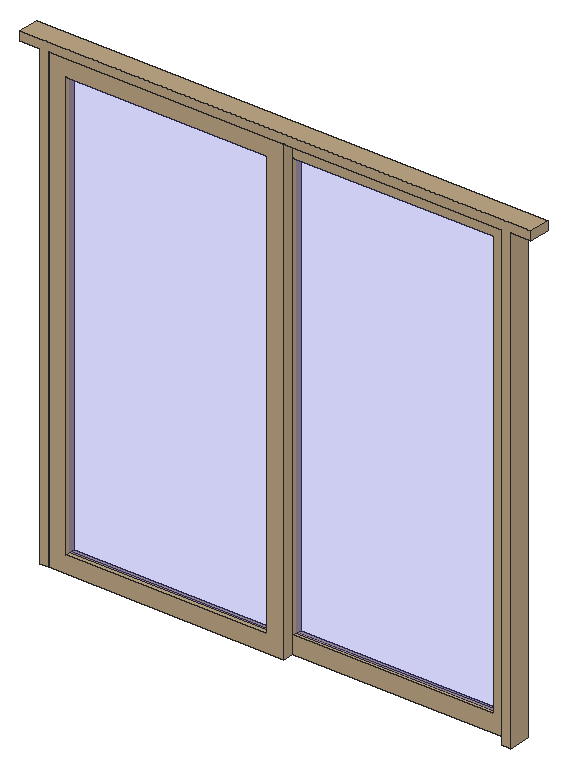
Revit family "DSP_A3-Kal-Aluminium-Sliding-Single-2100w", category Doors, host Wall, Revit 2016
Family settings
  Host = Wall
  Always vertical = Yes
  Cut with Voids When Loaded = No
  Shared = No
  Room Calculation Point = No
Parameters (values of type "2100w X 2100h")
  URL = "http://www.kal.co.za"
  Thickness = 0 mm
  Rough Width = 0 mm
  Rough Height = 0 mm
  Model Type = "Single Sliding"
  Model = "Arcadia Patio Doors"
  Material Glass = Glass
  Material Door Frame = Default Aluminium Door Frame
  Manufacturer Code = "2100 FS"
  Manufacturer = "Kal-Aluminium"
  Height = 2100 mm
  Wall Closure = By host
  Width = 2100 mm
  Function = Interior
  Frame Finish = "Anodised Aluminium"
  Construction Type = "Aluminium"
  Assembly Code = "B2030110"
Reference planes
  plane 1 "Center Line": y = 0
  plane 2 "Center (Left/Right)": x = 75.5
  plane 3 "Left": x = -974.5
  plane 4 "Right": x = 1125.5
  plane 5: z = 2100
  plane 6 "Exterior": y = 110
  plane 7 "Interior": y = -110
  plane 8: x = 1215.5
  plane 9: x = -1064.5
  plane 10: z = 75
  plane 11 "Exterior Panel": y = 46
  plane 12 "Interior Panel": y = -46
  plane 13: x = 38
  plane 14: x = 113
Forms (mm)
  Sweep 1, solid, material "Default Aluminium Door Frame" <- "Material Door Frame", detail levels medium+fine
    path origin (0, 0, 0) x (1, 0, 0) y (0, 0, 1)
      loop
        line (1215.5, 2100) -> (-1064.5, 2100)
    profile "Frame Sliding door profile upvc : Frame Sliding door profile upvc" origin (75.5, 0, 2100) x (0, 0, -1) y (0, -1, 0)
      loop
        line (0, -46) -> (40, -46) -> (40, 46) -> (0, 46) -> (0, -46)
  Sweep 2, solid, material "Default Aluminium Door Frame" <- "Material Door Frame", detail levels medium+fine
    path origin (0, 0, 0) x (1, 0, 0) y (0, 0, 1)
      loop
        line (1125.5, 0) -> (1125.5, 2100)
    profile "Frame Sliding door profile upvc : Frame Sliding door profile upvc" origin (1125.5, 0, 1050) x (-1, 0, 0) y (0, -1, 0)
      loop
        line (0, -46) -> (40, -46) -> (40, 46) -> (0, 46) -> (0, -46)
  Sweep 3, solid, material "Default Aluminium Door Frame" <- "Material Door Frame", detail levels medium+fine
    path origin (0, 0, 0) x (1, 0, 0) y (0, 0, 1)
      loop
        line (-974.5, 0) -> (-974.5, 2100)
    profile "Frame Sliding door profile upvc : Frame Sliding door profile upvc" origin (-974.5, 0, 1050) x (-1, 0, 0) y (0, -1, 0)
      loop
        line (0, -46) -> (0, 46) -> (-40, 46) -> (-40, -46) -> (0, -46)
  Extrusion 4, solid, material "Default Aluminium Door Frame" <- "Material Door Frame", detail levels medium+fine
    sketch origin (0, 46, 0) x (1, 0, 0) y (0, 0, 1)
      loop
        line (1085.5, 0) -> (1085.5, 2060) -> (38, 2060) -> (38, 0) -> (1085.5, 0)
      loop
        line (1010.5, 75) -> (1010.5, 1985) -> (113, 1985) -> (113, 75) -> (1010.5, 75)
    from 0 to 44
  Extrusion 5, solid, material "Default Aluminium Door Frame" <- "Material Door Frame", detail levels medium+fine
    sketch origin (0, -46, 0) x (1, 0, 0) y (0, 0, 1)
      loop
        line (113, 0) -> (113, 2060) -> (-934.5, 2060) -> (-934.5, 0) -> (113, 0)
      loop
        line (38, 75) -> (38, 1985) -> (-859.5, 1985) -> (-859.5, 75) -> (38, 75)
    from 0 to -44
  Extrusion 6, solid, material "Glass" <- "Material Glass", detail levels medium+fine
    sketch origin (0, 46, 0) x (1, 0, 0) y (0, 0, 1)
      loop
        line (1010.5, 75) -> (1010.5, 1985) -> (113, 1985) -> (113, 75) -> (1010.5, 75)
    from 18 to 28
  Extrusion 7, solid, material "Glass" <- "Material Glass", detail levels medium+fine
    sketch origin (0, -46, 0) x (1, 0, 0) y (0, 0, 1)
      loop
        line (38, 75) -> (38, 1985) -> (-859.5, 1985) -> (-859.5, 75) -> (38, 75)
    from -18 to -28
Cuts and joins
  joined: Sweep 1, Sweep 2, Sweep 3
Lines and regions (mm)
  Opening 1
    outline origin (-3050, -110, 0) x (1, 0, 0) y (0, 0, 1)
      loop
        line (2075.5, 0) -> (4175.5, 0) -> (4175.5, 2100) -> (2075.5, 2100) -> (2075.5, 0)
  symbolic lines, style "DoorsPanelProjection", detail levels coarse
    curve 1: line (75.5, -23, 0) -> (-974.5, -23, 0)
    curve 2: line (1125.5, 23, 0) -> (75.5, 23, 0)
  symbolic lines, style "Overhead", detail levels medium+fine
    curve 3: line (-974.5, 110, 0) -> (1125.5, 110, 0)
    curve 4: line (1125.5, -110, 0) -> (-974.5, -110, 0)
Text (mm)
  text "Exterior" at (-2295.016, 1099.543, 0), in view "Ref. Level"
  text "Exterior" at (0, 1615.38, 3698.081), in view "Left"
  text "Exterior" at (0, 1036.032, 3874.932), in view "Right"
Dimensions and locks
  equal spacing: plane 3 "Left", plane 2 "Center (Left/Right)", plane 4 "Right"
  "Width": plane 3 "Left" to plane 4 "Right"
  "Height": plane 5 to host wall
  host wall to plane 5 = 2100 mm
  locked: host wall to plane 6 "Exterior" at 0
  locked: plane 7 "Interior" to host wall
  locked: plane 4 "Right" to plane 8 at 90
  locked: plane 9 to plane 3 "Left" at 90
  locked: plane 1 "Center Line" to plane 11 "Exterior Panel" at 46
  locked: plane 12 "Interior Panel" to plane 1 "Center Line" at 46
  locked: plane 13 to plane 2 "Center (Left/Right)" at 37.5
  locked: plane 2 "Center (Left/Right)" to plane 14 at 37.5
  level to plane 10 = 75 mm
  aligned and locked: plane 3 "Left" to Opening 1 sketch curve
  aligned and locked: plane 5 to Opening 1 sketch curve  (x2)
  aligned and locked: Opening 1 sketch curve to plane 4 "Right"
  aligned and locked: Opening 1 sketch curve to level
  aligned and locked: plane 1 "Center Line" to host wall
  aligned and locked: plane 10 to Extrusion 4 sketch curve
  aligned and locked: plane 14 to Extrusion 4 sketch curve
  aligned and locked: plane 10 to Extrusion 5 sketch curve
  aligned and locked: Extrusion 7 sketch curve to Extrusion 5  (x3)
  aligned and locked: Extrusion 6 sketch curve to Extrusion 4  (x3)
  aligned and locked: Extrusion 4 sketch curve to cut or joined group of Sweep 1, Sweep 2, Sweep 3
  aligned and locked: cut or joined group of Sweep 1, Sweep 2, Sweep 3 to Extrusion 5 sketch curve
Automatic sketch dimensions
  Sweep 1 sketch curve to plane 5 = 0 mm
  Sweep 1 sketch curve to plane 9 = 0 mm
  Sweep 1 sketch curve to plane 8 = 0 mm
  Sweep 2 sketch curve to plane 4 "Right" = 0 mm
  Sweep 2 sketch curve to level = 0 mm
  Sweep 2 sketch curve to plane 5 = 0 mm
  Sweep 3 sketch curve to plane 3 "Left" = 0 mm
  Sweep 3 sketch curve to level = 0 mm
  Sweep 3 sketch curve to plane 5 = 0 mm
  Extrusion 4 sketch curve to level = 0 mm
  Extrusion 4 sketch curve to plane 13 = 0 mm
  Extrusion 5 sketch curve to level = 0 mm
  Extrusion 5 sketch curve to plane 13 = 0 mm
  Extrusion 5 sketch curve to plane 14 = 0 mm
  Extrusion 6 sketch curve to plane 14 = 0 mm
  Extrusion 7 sketch curve to plane 13 = 0 mm
  plane 5 to Extrusion 4 sketch curve = 115 mm
  plane 5 to Extrusion 5 sketch curve = 115 mm
  plane 4 "Right" to Extrusion 4 sketch curve = 115 mm
  plane 4 "Right" to Extrusion 4 sketch curve = 40 mm
  Extrusion 5 sketch curve to plane 3 "Left" = 115 mm
  Extrusion 5 sketch curve to plane 3 "Left" = 40 mm
  curve 1 to plane 3 "Left" = 0 mm
  curve 4 to host wall = 0 mm
  curve 4 to plane 3 "Left" = 0 mm
  curve 3 to host wall = 0 mm
  curve 3 to plane 3 "Left" = 0 mm
  curve 2 to plane 2 "Center (Left/Right)" = 0 mm
  curve 1 to plane 2 "Center (Left/Right)" = 0 mm
  curve 4 to plane 4 "Right" = 0 mm
  curve 3 to plane 4 "Right" = 0 mm
  curve 2 to plane 4 "Right" = 0 mm
  host wall to curve 1 = 23 mm
  curve 2 to host wall = 23 mm
Nested families
  nested 1: "arrow" at (-372, 0, 1160) x (1, 0, 0) z (0, 1, 0), type "arrow"
  nested 2: "arrow" at (-384.5, 160, 0), type "arrow", detail levels medium+fine
Definition of nested family "arrow"
  Reference planes
    plane 1 "Center (Front/Back)": y = 0
    plane 2: z = 0
    plane 3 "Center (Left/Right)": x = 0
  Lines and regions (mm)
    detail lines, in view "Ref. Level"
      curve 1: line (-100, 0, 0) -> (100, 0, 0)
      curve 2: line (100, 0, 0) -> (57.574, -42.426, 0)
      curve 3: line (100, 0, 0) -> (57.574, 42.426, 0)
